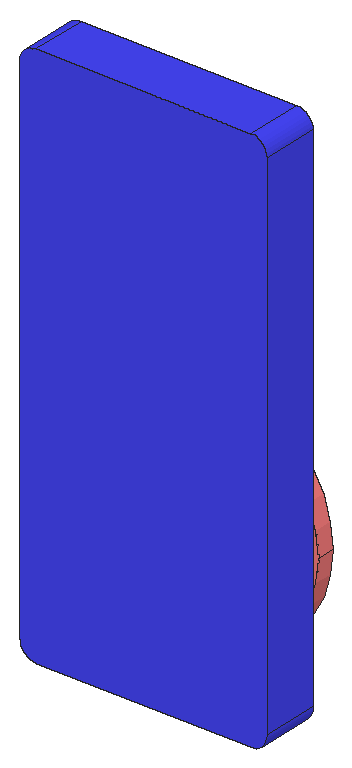
Revit family "Building-IEC309Connections-GEWISS-67IB-INTERLOCKED-SOCKET-OUTLETS_IP67_WITHOUT_BOTTOM", category Apparecchi elettrici, host Muro, Revit 2016
Family settings
  Host = Muro
  Mantenere orientamento annotazione = Sì
  Tipo di parte = Normale
  Quota connettore circolare = Usa diametro
  Numero OmniClass = 23.80.50.14
  Titolo OmniClass = Plug Connectors
  Sempre verticale = Sì
  Taglio con vuoti quando caricato = No
  Condiviso = No
  Punto di calcolo locali = No
Parameters (values of type "GW66357N - 32A 3P+E 380V V.INT.SOCK.O.N.B.3H SBF")
  Working temperature = "-25 ÷ +40 °C"
  With back-mounting box = "No"
  Vista di pianta [instance] = yes
  Vetro = GEWISS - vetro
  Version file RFA = "18.0"
  URL = "https://www.gewiss.com/ww/en"
  Typology = "Vertical"
  Tipo Simbolo = PRESAINDSTAGNA : 3P
  Thermo-pressure with ball = "125 °C"
  Technical sheet = "https://www.gewiss.com/ww/en/search?q=GW66357N"
  Struttura frontale = GEWISS -BLU
  Struttura = GEWISS - Grigio RAL - 7035
  Simbolo [instance] = yes
  Shock resistance = "IK08"
  SEO = "Socket outlet"
  Reference h = "3"
  Realized by GEWISS S.p.A. = ""
  Rated voltage: = "380 - 440 V"
  Rated voltage = "380 - 440 V"
  Rated frequency (Hz) = "50/60 Hz"
  Rated current (In) = "32"
  Rated current (A) = "32"
  Protection = "NO (SBF)"
  Produttore = "GEWISS S.p.A."
  Presa = GW - ROSSO
  Potenza = 400 V
  Operating temperature: = "-25 +40 °C"
  Numero poli = 3
  Number of poles = "3P+E"
  No. of poles = "3P+E"
  Modello = "GW66357N"
  Immagine tipo = GW66307N.jpg
  IP degree = "IP67"
  IFC.TypeObject = ""
  IFC.ExportType = ""
  IFC.ExportAs = ""
  IDT = "c02ff193-3075-4b5a-ac4b-08e79c84e21a"
  IDF = "d4539c21-b4dc-4599-b1fe-3d571a3ca594"
  Glow wire test: = "850 °C"
  Glow Wire Test = "850 °C"
  Frequency = "50/60 Hz"
  Electrocod = "2222"
  EAN code = "8011564742116"
  Distanza orizzontale del simbolo [instance] = 0 mm
  Distanza dal muro [instance] = 20 mm
  Descrizione = "32A 3P+E 380V V.INT.SOCK.O.N.B.3H SBF"
  Cornice simbolo [instance] = yes
  Colour: = "Red"
  Colour = "Red"
  Classificazione carico = Altro
  Catalogue Range = "67 IB"
  Catalogue = "BUILDING"
  Carico apparente = 0 VA
  COBie.Tagnumber = ""
  COBie.CreatedOn = ""
  COBie.CreatebBy = ""
  COBie.ComponentRegisterItemID = ""
  COBie.Component.TagNumber = ""
  COBie.Component.Space = ""
  COBie.Component.SerialNumber = ""
  COBie.Component.InstallationDate = ""
  COBie.Component.Description = ""
  COBie.Component.BarCode = ""
  Altezza da terra = 1111.728 mm
Reference planes
  plane 1 "Muro": y = 0
  plane 2 "Centro (Sinistra/Destra)": x = 125
  plane 3 "Indietro": y = 75
  plane 4: z = 1111.728
  plane 5: x = 125
Lines and regions (mm)
  Masking region 1, visible <- "Vista di pianta"
    outline origin (0, -30, 0) x (1, 0, 0) y (0, 1, 0)
      loop
        line (78.101, 137.709) -> (78.101, 130.821) -> (171.899, 130.821) -> (171.899, 137.709) -> (78.101, 137.709)
      loop
        line (77.116, 126.991) -> (77.116, 105) -> (172.884, 105) -> (172.884, 126.991) -> (77.116, 126.991)
  Masking region 2, visible <- "Vista di pianta"
    outline origin (0, -30, 0) x (1, 0, 0) y (0, 1, 0)
      loop
        line (87.521, 126.991) -> (162.519, 126.991) -> (162.519, 130.821) -> (87.521, 130.821) -> (87.521, 126.991)
  Masking region 3
    outline origin (125, -30, 0) x (0, 1, 0) y (0, 0, 1)
      loop
        line (126.991, 1308.059) -> (126.991, 1246.398) -> (137.709, 1246.398) -> (137.709, 1308.059) -> (126.991, 1308.059)
      loop
        line (137.709, 1124.403) -> (137.709, 1218.2) -> (126.991, 1218.2) -> (126.991, 1124.403) -> (137.709, 1124.403)
  Masking region 4
    outline origin (125, -30, 0) x (0, 1, 0) y (0, 0, 1)
      loop
        line (126.991, 1115.344) -> (126.991, 1328.112) -> (105, 1328.112) -> (105, 1115.344) -> (126.991, 1115.344)
Text (mm)
  text "Lato posizionamento" at (-1848.837, 1116.779, 0), in view "Livello rif."
  text "Lato posizionamento" at (0, 1409.804, 2854.306), in view "Sinistra"
  text "Lato posizionamento" at (0, 499.811, 2980.732), in view "Destra"
Dimensions and locks
  locked: plane 3 "Indietro" to host wall
  "Altezza da terra": level to plane 4
  nested 1 to nested 1 = 103 mm
  plane 4 to nested 1 = 220 mm
  "Distanza orizzontale del simbolo": plane 5 to plane 2 "Centro (Sinistra/Destra)"
  aligned and locked: plane 1 "Muro" to host wall
  aligned and locked: plane 4 to nested 1
  aligned and locked: plane 4 to nested 2
  aligned and locked: plane 2 "Centro (Sinistra/Destra)" to nested 2
  aligned and locked: nested 3 to plane 5
  aligned and locked: plane 3 "Indietro" to nested 1
Automatic sketch dimensions
  Masking region 1 sketch curve to plane 2 "Centro (Sinistra/Destra)" = 47.884 mm
  Masking region 1 sketch curve to Masking region 1 sketch curve = 0.986 mm  (x2)
  plane 2 "Centro (Sinistra/Destra)" to Masking region 1 sketch curve = 46.899 mm
  host wall to Masking region 1 sketch curve = 0 mm
  Masking region 1 sketch curve to Masking region 1 sketch curve = 21.991 mm
  Masking region 1 sketch curve to Masking region 1 sketch curve = 3.83 mm
  Masking region 1 sketch curve to Masking region 1 sketch curve = 6.888 mm
  plane 2 "Centro (Sinistra/Destra)" to Masking region 2 sketch curve = 37.519 mm
  Masking region 2 sketch curve to Masking region 2 sketch curve = 3.83 mm
  plane 4 to Masking region 3 sketch curve = 12.674 mm
  Masking region 3 sketch curve to Masking region 3 sketch curve = 10.718 mm  (x2)
  Masking region 3 sketch curve to Masking region 3 sketch curve = 93.797 mm
  Masking region 3 sketch curve to Masking region 3 sketch curve = 28.198 mm
  Masking region 3 sketch curve to Masking region 3 sketch curve = 61.662 mm
  plane 4 to Masking region 4 sketch curve = 3.616 mm
  host wall to Masking region 4 sketch curve = 0 mm
  Masking region 4 sketch curve to Masking region 4 sketch curve = 21.991 mm
  Masking region 4 sketch curve to Masking region 4 sketch curve = 212.768 mm
  Masking region 2 sketch curve to plane 2 "Centro (Sinistra/Destra)" = 37.479 mm
  host wall to Masking region 2 sketch curve = 21.991 mm
  host wall to Masking region 3 sketch curve = 21.991 mm  (x2)
Nested families
  nested 1: "IB PRESE INTERBLOC VERT" at (125, 45, 524.845) x (-1, 0, 0) z (0, 0, 1), type "IB PRESE INTERBLOC VERT"
  nested 2: "2D - IB PRESE INTERBLOC VERT IP67" at (125, 0, 1111.728) x (-1, 0, 0) z (0, -1, 0), type "BIDIMENSIONALE"
  nested 3: "PRESAINDSTAGNA" at (125, -325.086, 0), Distanza dal muro <- "Distanza dal muro", BORDO ACCESO <- "Cornice simbolo", SIMBOLO ACCESO <- "Simbolo", type <- "Tipo Simbolo", type "3P"
    with SIMBOLO ACCESO yes, Distanza dal muro 20 mm, BORDO ACCESO yes
Connectors
  electrical at (125, 90, 1111.728), driven by "Numero poli", driven by "Classificazione carico", driven by "Potenza", driven by "Carico apparente"
    settings: on nested 1, index 1, voltage 400 V, apparent load 0 VA, apparent load phase1 0 VA, apparent load phase2 0 VA, apparent load phase3 0 VA, power factor 1, load classification "Altro", number of poles 3, system type 31, power factor state 1, is connector primary yes, connector utility no, sub classification motor no, connector description ""
Definition of nested family "IB PRESE INTERBLOC VERT"
  Parameters (values of type "IB PRESE INTERBLOC VERT")
    Vetro = none
    Struttura frontale = none
    Struttura = none
    Spessore = 30 mm
    Default Elevation = 14 mm
    Presa = none
    Lunghezza = 103 mm
    IFC.TypeObject = ""
    IFC.ExportType = ""
    IFC.ExportAs = ""
    H_da terra = 586.883 mm
    COBie.CreatedOn = ""
    COBie.CreatebBy = ""
    COBie.ComponentRegisterItemID = ""
    COBie.Component.TagNumber = ""
    COBie.Component.Space = ""
    COBie.Component.SerialNumber = ""
    COBie.Component.InstallationDate = ""
    COBie.Component.Description = ""
    COBie.Component.BarCode = ""
    Altezza = 220 mm
  Reference planes
    plane 1 "Centro (Fronte/Retro)": y = 0
    plane 2: z = 0
    plane 3 "Centro (Sinistra/Destra)": x = 0
    plane 4: y = -30
    plane 5: x = -51.5
    plane 6: x = 51.5
    plane 7: z = 586.883
    plane 8: z = 806.883
    plane 9: x = -47.884
    plane 10: x = 47.884
    plane 11: z = 803.267
    plane 12: z = 590.499
    plane 13: y = -32
    plane 14: y = -42.675
  Forms (mm)
    Extrusion 1, solid, material <- "Struttura"
      sketch origin (0, 0, 0) x (1, 0, 0) y (0, 0, 1)
        loop
          line (-0.408, 691.748) -> (-29.506, 691.748)
          spline (-29.506, 691.748) -> (-30.55, 691.681) -> (-31.576, 691.48) -> (-32.567, 691.148) -> (-33.505, 690.693) -> (-34.375, 690.12) -> (-35.161, 689.441) -> (-35.851, 688.666) -> (-36.432, 687.809) -> (-36.895, 686.885) -> (-37.231, 685.909) -> (-37.435, 684.898) -> (-37.503, 683.87)
          line (-37.503, 683.87) -> (-37.503, 615.12)
          spline (-37.503, 615.12) -> (-37.435, 614.091) -> (-37.231, 613.081) -> (-36.895, 612.105) -> (-36.432, 611.18) -> (-35.851, 610.324) -> (-35.161, 609.549) -> (-34.375, 608.869) -> (-33.505, 608.297) -> (-32.567, 607.841) -> (-31.576, 607.51) -> (-30.55, 607.309) -> (-29.506, 607.241)
          line (-29.506, 607.241) -> (0, 607.241) -> (29.506, 607.241)
          spline (29.506, 607.241) -> (30.55, 607.309) -> (31.576, 607.51) -> (32.567, 607.841) -> (33.505, 608.297) -> (34.375, 608.869) -> (35.161, 609.549) -> (35.851, 610.324) -> (36.432, 611.18) -> (36.895, 612.105) -> (37.231, 613.081) -> (37.435, 614.091) -> (37.503, 615.12)
          line (37.503, 615.12) -> (37.503, 683.87)
          spline (37.503, 683.87) -> (37.435, 684.898) -> (37.231, 685.909) -> (36.895, 686.885) -> (36.432, 687.809) -> (35.851, 688.666) -> (35.161, 689.441) -> (34.375, 690.12) -> (33.505, 690.693) -> (32.567, 691.148) -> (31.576, 691.48) -> (30.55, 691.681) -> (29.506, 691.748)
          line (29.506, 691.748) -> (-0.408, 691.748)
      from 51.991 to 55.821
    Extrusion 2, solid, material <- "Presa"
      sketch origin (0, 0, 0) x (1, 0, 0) y (0, 0, 1)
        loop
          circle (0, 646.456) r 46.899
      from 55.821 to 62.709
    Extrusion 3, solid, material <- "Struttura"
      sketch origin (0, 0, 0) x (1, 0, 0) y (0, 0, 1)
        loop
          circle (0, 752.384) r 30.831
        loop
          circle (0, 752.384) r 26.483
      from 51.991 to 62.709
    Extrusion 4, solid, material <- "Struttura"
      sketch origin (0, 0, 0) x (1, 0, 0) y (0, 0, 1)
        loop
          arc (-9.552, 750.899) -> (-7.429, 739.645) -> (-7.314, 728.193) r 64.983
          arc (-7.314, 728.193) -> (-0.131, 727.067) -> (7.064, 728.115) r 24.316
          arc (7.064, 728.115) -> (7.302, 739.566) -> (9.547, 750.796) r 64.983
          arc (9.547, 750.796) -> (5.519, 762.425) -> (4.215, 774.661) r 54.251
          line (4.215, 774.661) -> (4.25, 777.658)
          arc (4.25, 777.658) -> (3.985, 778.329) -> (3.336, 778.647) r 1
          arc (3.336, 778.647) -> (0.147, 778.794) -> (-3.043, 778.682) r 39.364
          arc (-3.043, 778.682) -> (-3.695, 778.371) -> (-3.967, 777.702) r 1
          line (-3.967, 777.702) -> (-3.964, 774.706)
          arc (-3.964, 774.706) -> (-5.4, 762.483) -> (-9.552, 750.899) r 54.251
      from 51.991 to 62.709
    Extrusion 5, solid, material <- "Struttura frontale"
      sketch origin (0, 0, 0) x (1, 0, 0) y (0, 0, 1)
        loop
          arc (47.884, 796.962) -> (46.037, 801.42) -> (41.578, 803.267) r 6.306
          line (41.578, 803.267) -> (-41.578, 803.267)
          arc (-41.578, 803.267) -> (-46.037, 801.42) -> (-47.884, 796.962) r 6.306
          line (-47.884, 796.962) -> (-47.884, 597.014)
          arc (-47.884, 597.014) -> (-45.976, 592.407) -> (-41.369, 590.499) r 6.515
          line (-41.369, 590.499) -> (41.369, 590.499)
          arc (41.369, 590.499) -> (45.976, 592.407) -> (47.884, 597.014) r 6.515
          line (47.884, 597.014) -> (47.884, 796.962)
      from 30 to 51.991
  Dimensions and locks
    "H_da terra": plane 7 to level
    "Altezza": plane 8 to plane 7
    equal spacing: plane 5, plane 3 "Centro (Sinistra/Destra)", plane 6
    "Lunghezza": plane 5 to plane 6
    locked: plane 8 to plane 11 at 3.616
    locked: plane 12 to plane 7 at 3.616
    locked: plane 5 to plane 9 at 3.616
    locked: plane 6 to plane 10 at 3.616
    "Spessore": plane 4 to plane 1 "Centro (Fronte/Retro)"
    locked: plane 13 to plane 4 at 2
    plane 14 to plane 4 = 12.675 mm
    locked: Extrusion 5 to plane 14 at 9.315
    aligned and locked: level to plane 2
    aligned and locked: Extrusion 5 sketch curve to plane 10
    aligned and locked: Extrusion 5 sketch curve to plane 9
    aligned and locked: Extrusion 5 sketch curve to plane 12
    aligned and locked: Extrusion 5 sketch curve to plane 11
    aligned and locked: plane 4 to Extrusion 5
    aligned and locked: Extrusion 3 to Extrusion 5
    aligned and locked: Extrusion 3 to Extrusion 4  (x2)
    aligned and locked: Extrusion 3 to Extrusion 2
    aligned and locked: Extrusion 2 to Extrusion 1
  Automatic sketch dimensions
    Extrusion 1 sketch curve to plane 9 = 10.381 mm
    Extrusion 1 sketch curve to Extrusion 1 sketch curve = 7.997 mm  (x3)
    Extrusion 1 sketch curve to plane 10 = 18.378 mm  (x2)
    Extrusion 1 sketch curve to plane 12 = 16.742 mm
    Extrusion 1 sketch curve to Extrusion 1 sketch curve = 7.878 mm  (x3)
    Extrusion 1 sketch curve to Extrusion 1 sketch curve = 68.75 mm
    Extrusion 1 sketch curve to Extrusion 1 sketch curve = 0 mm
    Extrusion 1 sketch curve to Extrusion 1 sketch curve = 21.102 mm
    Extrusion 1 sketch curve to Extrusion 1 sketch curve = 21.51 mm
    Extrusion 2 sketch curve to plane 3 "Centro (Sinistra/Destra)" = 0 mm
    Extrusion 2 sketch curve to plane 12 = 55.957 mm
    Extrusion 3 sketch curve to Extrusion 3 sketch curve = 0 mm  (x2)
    Extrusion 3 sketch curve to plane 3 "Centro (Sinistra/Destra)" = 0 mm
    Extrusion 3 sketch curve to plane 11 = 50.884 mm
    plane 5 to Extrusion 4 sketch curve = 6.715 mm
    Extrusion 4 sketch curve to plane 3 "Centro (Sinistra/Destra)" = 3.967 mm
    Extrusion 4 sketch curve to Extrusion 4 sketch curve = 0.003 mm
    Extrusion 4 sketch curve to Extrusion 4 sketch curve = 1 mm  (x2)
    Extrusion 4 sketch curve to plane 3 "Centro (Sinistra/Destra)" = 0.064 mm
    plane 3 "Centro (Sinistra/Destra)" to Extrusion 4 sketch curve = 3.25 mm
    Extrusion 4 sketch curve to Extrusion 4 sketch curve = 0.965 mm
    plane 6 to Extrusion 4 sketch curve = 6.965 mm
    Extrusion 4 sketch curve to plane 11 = 29.014 mm
    Extrusion 4 sketch curve to plane 11 = 28.606 mm
    Extrusion 4 sketch curve to plane 11 = 28.387 mm
    Extrusion 4 sketch curve to Extrusion 4 sketch curve = 0.044 mm
    Extrusion 4 sketch curve to Extrusion 4 sketch curve = 2.99 mm
    Extrusion 4 sketch curve to Extrusion 4 sketch curve = 0.007 mm
    Extrusion 4 sketch curve to Extrusion 4 sketch curve = 2.979 mm
    Extrusion 4 sketch curve to Extrusion 4 sketch curve = 0.018 mm
    Extrusion 4 sketch curve to plane 3 "Centro (Sinistra/Destra)" = 9.552 mm
    Extrusion 4 sketch curve to Extrusion 4 sketch curve = 0.076 mm
    plane 3 "Centro (Sinistra/Destra)" to Extrusion 4 sketch curve = 9.547 mm
    Extrusion 4 sketch curve to plane 3 "Centro (Sinistra/Destra)" = 0 mm
    plane 5 to Extrusion 4 sketch curve = 20.598 mm
    plane 6 to Extrusion 4 sketch curve = 20.4 mm
    Extrusion 4 sketch curve to Extrusion 4 sketch curve = 0.587 mm
    Extrusion 4 sketch curve to plane 3 "Centro (Sinistra/Destra)" = 7.314 mm
    plane 3 "Centro (Sinistra/Destra)" to Extrusion 4 sketch curve = 7.064 mm
    Extrusion 4 sketch curve to Extrusion 4 sketch curve = 11.238 mm
    Extrusion 4 sketch curve to Extrusion 4 sketch curve = 11.315 mm
    Extrusion 5 sketch curve to plane 9 = 6.306 mm
    Extrusion 5 sketch curve to plane 9 = 6.515 mm
    Extrusion 5 sketch curve to Extrusion 5 sketch curve = 6.515 mm
    Extrusion 5 sketch curve to Extrusion 5 sketch curve = 6.306 mm
    radius of Extrusion 2 sketch curve = 46.899 mm
    radius of Extrusion 3 sketch curve = 30.831 mm
    radius of Extrusion 3 sketch curve = 26.483 mm
Definition of nested family "2D - IB PRESE INTERBLOC VERT IP67"
  Reference planes
    plane 1 "Centro (Fronte/Retro)": y = 0
    plane 2: z = 0
    plane 3 "Centro (Sinistra/Destra)": x = 0
  Lines and regions (mm)
    model lines, in view "Livello rif."
      curve 1: line (-11.527, 59.778, 0) -> (11.757, 59.778, 0)
      curve 2: arc (16.5, 109.807, 0) -> (16.207, 110.514, 0) -> (15.5, 110.807, 0) r 1
      curve 3: arc (-15.5, 110.807, 0) -> (-16.207, 110.514, 0) -> (-16.5, 109.807, 0) r 1
      curve 4: spline (29.5, 21.126, 0) -> (30.544, 21.194, 0) -> (31.57, 21.395, 0) -> (32.56, 21.728, 0) -> (33.499, 22.185, 0) -> (34.369, 22.759, 0) -> (35.155, 23.441, 0) -> (35.845, 24.218, 0) -> (36.427, 25.078, 0) -> (36.89, 26.005, 0) -> (37.226, 26.984, 0) -> (37.431, 27.998, 0) -> (37.5, 29.03, 0)
      curve 5: spline (-37.5, 29.025, 0) -> (-37.43, 27.994, 0) -> (-37.225, 26.98, 0) -> (-36.888, 26.002, 0) -> (-36.425, 25.075, 0) -> (-35.843, 24.216, 0) -> (-35.154, 23.439, 0) -> (-34.367, 22.758, 0) -> (-33.497, 22.184, 0) -> (-32.559, 21.727, 0) -> (-31.569, 21.395, 0) -> (-30.543, 21.194, 0) -> (-29.5, 21.126, 0)
      curve 6: spline (-34.559, 79.268, 0) -> (-34.539, 79.119, 0) -> (-34.479, 78.943, 0) -> (-34.38, 78.742, 0) -> (-34.243, 78.521, 0) -> (-34.072, 78.282, 0) -> (-33.869, 78.031, 0) -> (-33.637, 77.771, 0) -> (-33.381, 77.506, 0) -> (-33.104, 77.242, 0) -> (-32.812, 76.983, 0) -> (-32.51, 76.733, 0) -> (-32.202, 76.496, 0)
      curve 7: spline (-26.332, 86.8, 0) -> (-26.317, 86.647, 0) -> (-26.271, 86.458, 0) -> (-26.196, 86.236, 0) -> (-26.092, 85.985, 0) -> (-25.961, 85.709, 0) -> (-25.807, 85.413, 0) -> (-25.63, 85.103, 0) -> (-25.435, 84.782, 0) -> (-25.224, 84.458, 0) -> (-25.002, 84.135, 0) -> (-24.771, 83.819, 0) -> (-24.537, 83.516, 0)
      curve 8: spline (-43.546, 59.601, 0) -> (-43.52, 59.464, 0) -> (-43.445, 59.322, 0) -> (-43.32, 59.178, 0) -> (-43.148, 59.034, 0) -> (-42.932, 58.893, 0) -> (-42.676, 58.757, 0) -> (-42.384, 58.629, 0) -> (-42.061, 58.511, 0) -> (-41.713, 58.404, 0) -> (-41.345, 58.311, 0) -> (-40.964, 58.233, 0) -> (-40.577, 58.171, 0)
      curve 9: spline (-40.43, 69.99, 0) -> (-40.406, 69.847, 0) -> (-40.336, 69.687, 0) -> (-40.22, 69.513, 0) -> (-40.061, 69.328, 0) -> (-39.86, 69.136, 0) -> (-39.622, 68.939, 0) -> (-39.351, 68.741, 0) -> (-39.052, 68.545, 0) -> (-38.728, 68.355, 0) -> (-38.387, 68.175, 0) -> (-38.033, 68.006, 0) -> (-37.673, 67.852, 0)
      curve 10: spline (-40.846, 38.237, 0) -> (-40.787, 38.136, 0) -> (-40.688, 38.054, 0) -> (-40.551, 37.992, 0) -> (-40.377, 37.951, 0) -> (-40.17, 37.93, 0) -> (-39.932, 37.931, 0) -> (-39.667, 37.954, 0) -> (-39.378, 37.998, 0) -> (-39.07, 38.062, 0) -> (-38.748, 38.146, 0) -> (-38.416, 38.248, 0) -> (-38.079, 38.367, 0)
      curve 11: spline (-43.691, 48.765, 0) -> (-43.651, 48.64, 0) -> (-43.563, 48.522, 0) -> (-43.429, 48.415, 0) -> (-43.251, 48.32, 0) -> (-43.032, 48.238, 0) -> (-42.776, 48.17, 0) -> (-42.486, 48.118, 0) -> (-42.168, 48.083, 0) -> (-41.826, 48.065, 0) -> (-41.465, 48.064, 0) -> (-41.093, 48.081, 0) -> (-40.715, 48.114, 0)
      curve 12: spline (-34.579, 28.988, 0) -> (-34.529, 28.939, 0) -> (-34.457, 28.908, 0) -> (-34.364, 28.897, 0) -> (-34.251, 28.904, 0) -> (-34.119, 28.931, 0) -> (-33.971, 28.976, 0) -> (-33.807, 29.04, 0) -> (-33.631, 29.12, 0) -> (-33.444, 29.217, 0) -> (-33.25, 29.329, 0) -> (-33.05, 29.455, 0) -> (-32.847, 29.592, 0)
      curve 13: spline (-17.008, 15.964, 0) -> (-16.976, 15.958, 0) -> (-16.936, 15.975, 0) -> (-16.887, 16.015, 0) -> (-16.83, 16.077, 0) -> (-16.765, 16.161, 0) -> (-16.694, 16.266, 0) -> (-16.617, 16.39, 0) -> (-16.536, 16.532, 0) -> (-16.45, 16.691, 0) -> (-16.361, 16.865, 0) -> (-16.27, 17.051, 0) -> (-16.178, 17.248, 0)
      curve 14: spline (15.2, 16.867, 0) -> (15.282, 16.677, 0) -> (15.364, 16.495, 0) -> (15.444, 16.326, 0) -> (15.522, 16.17, 0) -> (15.596, 16.029, 0) -> (15.666, 15.904, 0) -> (15.732, 15.797, 0) -> (15.792, 15.708, 0) -> (15.846, 15.64, 0) -> (15.893, 15.591, 0) -> (15.933, 15.564, 0) -> (15.965, 15.558, 0)
      curve 15: spline (34.501, 27.901, 0) -> (34.51, 27.913, 0) -> (34.519, 27.925, 0) -> (34.526, 27.938, 0) -> (34.533, 27.952, 0) -> (34.539, 27.966, 0) -> (34.544, 27.981, 0) -> (34.549, 27.997, 0) -> (34.552, 28.013, 0) -> (34.555, 28.03, 0) -> (34.557, 28.047, 0) -> (34.558, 28.065, 0) -> (34.559, 28.084, 0)
      curve 16: spline (32.202, 28.803, 0) -> (32.467, 28.613, 0) -> (32.728, 28.439, 0) -> (32.982, 28.283, 0) -> (33.227, 28.146, 0) -> (33.458, 28.03, 0) -> (33.674, 27.938, 0) -> (33.871, 27.869, 0) -> (34.047, 27.824, 0) -> (34.2, 27.805, 0) -> (34.328, 27.812, 0) -> (34.428, 27.844, 0) -> (34.501, 27.901, 0)
      curve 17: spline (24.537, 21.783, 0) -> (24.725, 21.552, 0) -> (24.912, 21.335, 0) -> (25.094, 21.133, 0) -> (25.27, 20.951, 0) -> (25.438, 20.789, 0) -> (25.596, 20.649, 0) -> (25.742, 20.533, 0) -> (25.875, 20.442, 0) -> (25.993, 20.377, 0) -> (26.095, 20.339, 0) -> (26.18, 20.329, 0) -> (26.247, 20.346, 0)
      curve 18: spline (32.202, 28.803, 0) -> (32.392, 28.667, 0) -> (32.58, 28.541, 0) -> (32.763, 28.428, 0) -> (32.939, 28.329, 0) -> (33.107, 28.244, 0) -> (33.263, 28.176, 0) -> (33.407, 28.124, 0) -> (33.536, 28.089, 0) -> (33.648, 28.072, 0) -> (33.744, 28.074, 0) -> (33.82, 28.093, 0) -> (33.877, 28.13, 0)
      curve 19: spline (37.673, 37.447, 0) -> (37.996, 37.324, 0) -> (38.314, 37.217, 0) -> (38.624, 37.127, 0) -> (38.92, 37.055, 0) -> (39.2, 37.003, 0) -> (39.458, 36.971, 0) -> (39.692, 36.96, 0) -> (39.898, 36.97, 0) -> (40.073, 37, 0) -> (40.215, 37.051, 0) -> (40.323, 37.121, 0) -> (40.394, 37.21, 0)
      curve 20: spline (40.577, 47.128, 0) -> (40.951, 47.085, 0) -> (41.32, 47.059, 0) -> (41.677, 47.051, 0) -> (42.016, 47.061, 0) -> (42.333, 47.087, 0) -> (42.621, 47.131, 0) -> (42.876, 47.192, 0) -> (43.095, 47.268, 0) -> (43.273, 47.357, 0) -> (43.409, 47.46, 0) -> (43.498, 47.574, 0) -> (43.542, 47.697, 0)
      curve 21: spline (38.079, 66.932, 0) -> (38.442, 67.078, 0) -> (38.8, 67.238, 0) -> (39.145, 67.41, 0) -> (39.472, 67.592, 0) -> (39.775, 67.781, 0) -> (40.049, 67.972, 0) -> (40.289, 68.163, 0) -> (40.491, 68.35, 0) -> (40.653, 68.531, 0) -> (40.77, 68.702, 0) -> (40.841, 68.861, 0) -> (40.865, 69.003, 0)
      curve 22: spline (40.715, 57.185, 0) -> (41.104, 57.237, 0) -> (41.486, 57.305, 0) -> (41.855, 57.39, 0) -> (42.205, 57.488, 0) -> (42.529, 57.599, 0) -> (42.822, 57.72, 0) -> (43.078, 57.849, 0) -> (43.295, 57.985, 0) -> (43.467, 58.125, 0) -> (43.593, 58.266, 0) -> (43.669, 58.406, 0) -> (43.694, 58.542, 0)
      curve 23: spline (25.377, 82.91, 0) -> (25.62, 83.208, 0) -> (25.858, 83.518, 0) -> (26.088, 83.835, 0) -> (26.306, 84.154, 0) -> (26.508, 84.47, 0) -> (26.69, 84.776, 0) -> (26.85, 85.068, 0) -> (26.985, 85.34, 0) -> (27.093, 85.589, 0) -> (27.171, 85.809, 0) -> (27.218, 85.997, 0) -> (27.234, 86.15, 0)
      curve 24: spline (5.876, 90.779, 0) -> (5.932, 91.152, 0) -> (5.987, 91.536, 0) -> (6.041, 91.925, 0) -> (6.091, 92.312, 0) -> (6.138, 92.69, 0) -> (6.18, 93.052, 0) -> (6.217, 93.394, 0) -> (6.248, 93.708, 0) -> (6.273, 93.99, 0) -> (6.291, 94.235, 0) -> (6.302, 94.437, 0) -> (6.306, 94.595, 0)
      curve 25: spline (-16.312, 92.076, 0) -> (-16.302, 91.919, 0) -> (-16.274, 91.721, 0) -> (-16.227, 91.484, 0) -> (-16.163, 91.212, 0) -> (-16.082, 90.91, 0) -> (-15.986, 90.583, 0) -> (-15.877, 90.237, 0) -> (-15.756, 89.878, 0) -> (-15.625, 89.512, 0) -> (-15.487, 89.144, 0) -> (-15.345, 88.782, 0) -> (-15.2, 88.432, 0)
      curve 26: spline (-27.175, 21.015, 0) -> (-27.113, 20.981, 0) -> (-27.03, 20.977, 0) -> (-26.928, 21.002, 0) -> (-26.807, 21.056, 0) -> (-26.668, 21.138, 0) -> (-26.514, 21.248, 0) -> (-26.346, 21.384, 0) -> (-26.167, 21.545, 0) -> (-25.978, 21.728, 0) -> (-25.782, 21.931, 0) -> (-25.581, 22.153, 0) -> (-25.377, 22.389, 0)
      curve 27: spline (-6.283, 12.574, 0) -> (-6.267, 12.583, 0) -> (-6.246, 12.623, 0) -> (-6.221, 12.694, 0) -> (-6.193, 12.797, 0) -> (-6.161, 12.928, 0) -> (-6.126, 13.088, 0) -> (-6.089, 13.274, 0) -> (-6.049, 13.484, 0) -> (-6.008, 13.716, 0) -> (-5.965, 13.968, 0) -> (-5.921, 14.237, 0) -> (-5.876, 14.52, 0)
      curve 28: spline (15.2, 16.867, 0) -> (15.315, 16.602, 0) -> (15.429, 16.35, 0) -> (15.54, 16.115, 0) -> (15.648, 15.899, 0) -> (15.751, 15.704, 0) -> (15.848, 15.533, 0) -> (15.938, 15.388, 0) -> (16.02, 15.269, 0) -> (16.093, 15.179, 0) -> (16.157, 15.117, 0) -> (16.211, 15.086, 0) -> (16.253, 15.084, 0)
      curve 29: spline (16.253, 15.084, 0) -> (16.262, 15.089, 0) -> (16.271, 15.096, 0) -> (16.279, 15.105, 0) -> (16.286, 15.116, 0) -> (16.292, 15.128, 0) -> (16.297, 15.143, 0) -> (16.301, 15.16, 0) -> (16.305, 15.179, 0) -> (16.308, 15.2, 0) -> (16.31, 15.223, 0) -> (16.311, 15.248, 0) -> (16.312, 15.275, 0)
      curve 30: spline (27.234, 89.228, 0) -> (26.474, 89.779, 0) -> (25.701, 90.314, 0) -> (24.916, 90.833, 0) -> (24.118, 91.335, 0) -> (23.31, 91.821, 0) -> (22.49, 92.291, 0) -> (21.66, 92.743, 0) -> (20.819, 93.179, 0) -> (19.969, 93.597, 0) -> (19.109, 93.998, 0) -> (18.24, 94.38, 0) -> (17.362, 94.745, 0)
      curve 31: spline (40.865, 72.082, 0) -> (40.499, 72.916, 0) -> (40.114, 73.742, 0) -> (39.71, 74.56, 0) -> (39.288, 75.37, 0) -> (38.846, 76.171, 0) -> (38.386, 76.963, 0) -> (37.908, 77.745, 0) -> (37.411, 78.517, 0) -> (36.897, 79.279, 0) -> (36.366, 80.03, 0) -> (35.817, 80.77, 0) -> (35.251, 81.498, 0)
      curve 32: spline (43.546, 50.828, 0) -> (43.618, 51.319, 0) -> (43.684, 51.81, 0) -> (43.744, 52.303, 0) -> (43.798, 52.796, 0) -> (43.845, 53.289, 0) -> (43.886, 53.783, 0) -> (43.921, 54.278, 0) -> (43.949, 54.772, 0) -> (43.972, 55.267, 0) -> (43.987, 55.763, 0) -> (43.997, 56.258, 0) -> (44, 56.754, 0)
      curve 33: spline (44, 58.464, 0) -> (43.978, 59.772, 0) -> (43.912, 61.079, 0) -> (43.802, 62.384, 0) -> (43.648, 63.684, 0) -> (43.45, 64.979, 0) -> (43.209, 66.268, 0) -> (42.925, 67.549, 0) -> (42.597, 68.821, 0) -> (42.227, 70.082, 0) -> (41.815, 71.332, 0) -> (41.36, 72.569, 0) -> (40.865, 73.792, 0)
      curve 34: spline (40.865, 73.792, 0) -> (38.386, 78.673, 0) -> (35.251, 83.208, 0) -> (31.512, 87.32, 0) -> (27.234, 90.938, 0) -> (22.49, 94.001, 0) -> (17.362, 96.455, 0) -> (11.936, 98.26, 0) -> (6.306, 99.383, 0) -> (0.568, 99.807, 0) -> (-5.179, 99.523, 0) -> (-10.838, 98.536, 0) -> (-16.312, 96.864, 0)
      curve 35: spline (6.306, 97.673, 0) -> (5.355, 97.793, 0) -> (4.401, 97.893, 0) -> (3.445, 97.973, 0) -> (2.487, 98.034, 0) -> (1.528, 98.075, 0) -> (0.568, 98.097, 0) -> (-0.392, 98.099, 0) -> (-1.351, 98.081, 0) -> (-2.31, 98.043, 0) -> (-3.268, 97.986, 0) -> (-4.225, 97.909, 0) -> (-5.179, 97.813, 0)
      curve 36: spline (-16.312, 96.864, 0) -> (-20.281, 95.156, 0) -> (-24.05, 93.087, 0) -> (-27.583, 90.678, 0) -> (-30.844, 87.951, 0) -> (-33.801, 84.934, 0) -> (-36.426, 81.656, 0) -> (-38.692, 78.15, 0) -> (-40.578, 74.451, 0) -> (-42.064, 70.594, 0) -> (-43.136, 66.617, 0) -> (-43.783, 62.561, 0) -> (-44, 58.464, 0)
      curve 37: spline (-44, 56.754, 0) -> (-43.998, 56.347, 0) -> (-43.991, 55.941, 0) -> (-43.981, 55.534, 0) -> (-43.966, 55.128, 0) -> (-43.947, 54.722, 0) -> (-43.923, 54.316, 0) -> (-43.896, 53.91, 0) -> (-43.864, 53.505, 0) -> (-43.828, 53.1, 0) -> (-43.787, 52.695, 0) -> (-43.743, 52.291, 0) -> (-43.694, 51.887, 0)
      curve 38: spline (-34.559, 82.345, 0) -> (-35.145, 81.631, 0) -> (-35.714, 80.904, 0) -> (-36.266, 80.167, 0) -> (-36.801, 79.418, 0) -> (-37.318, 78.658, 0) -> (-37.818, 77.888, 0) -> (-38.299, 77.107, 0) -> (-38.763, 76.317, 0) -> (-39.208, 75.518, 0) -> (-39.634, 74.71, 0) -> (-40.041, 73.893, 0) -> (-40.43, 73.068, 0)
      curve 39: spline (-16.312, 95.154, 0) -> (-17.199, 94.811, 0) -> (-18.079, 94.449, 0) -> (-18.949, 94.069, 0) -> (-19.811, 93.672, 0) -> (-20.664, 93.257, 0) -> (-21.506, 92.825, 0) -> (-22.338, 92.375, 0) -> (-23.16, 91.909, 0) -> (-23.971, 91.426, 0) -> (-24.77, 90.926, 0) -> (-25.557, 90.41, 0) -> (-26.332, 89.878, 0)
      curve 40: spline (4.826, 14.39, 0) -> (4.862, 14.114, 0) -> (4.897, 13.851, 0) -> (4.931, 13.604, 0) -> (4.964, 13.375, 0) -> (4.996, 13.167, 0) -> (5.027, 12.982, 0) -> (5.055, 12.821, 0) -> (5.081, 12.687, 0) -> (5.104, 12.58, 0) -> (5.124, 12.502, 0) -> (5.142, 12.453, 0) -> (5.156, 12.435, 0)
      curve 41: spline (-17.362, 15.684, 0) -> (-17.361, 15.657, 0) -> (-17.36, 15.632, 0) -> (-17.358, 15.61, 0) -> (-17.355, 15.589, 0) -> (-17.351, 15.57, 0) -> (-17.346, 15.553, 0) -> (-17.341, 15.538, 0) -> (-17.334, 15.525, 0) -> (-17.327, 15.513, 0) -> (-17.319, 15.504, 0) -> (-17.31, 15.497, 0) -> (-17.301, 15.492, 0)
      curve 42: spline (-17.301, 15.492, 0) -> (-17.255, 15.491, 0) -> (-17.199, 15.521, 0) -> (-17.131, 15.58, 0) -> (-17.053, 15.668, 0) -> (-16.966, 15.785, 0) -> (-16.87, 15.928, 0) -> (-16.766, 16.097, 0) -> (-16.656, 16.289, 0) -> (-16.541, 16.503, 0) -> (-16.422, 16.735, 0) -> (-16.301, 16.985, 0) -> (-16.178, 17.248, 0)
      curve 43: spline (-35.251, 28.933, 0) -> (-35.25, 28.915, 0) -> (-35.249, 28.897, 0) -> (-35.247, 28.88, 0) -> (-35.245, 28.863, 0) -> (-35.241, 28.847, 0) -> (-35.237, 28.832, 0) -> (-35.232, 28.817, 0) -> (-35.226, 28.802, 0) -> (-35.22, 28.789, 0) -> (-35.212, 28.776, 0) -> (-35.204, 28.763, 0) -> (-35.195, 28.751, 0)
      curve 44: spline (-35.196, 28.751, 0) -> (-35.123, 28.691, 0) -> (-35.021, 28.655, 0) -> (-34.892, 28.644, 0) -> (-34.736, 28.658, 0) -> (-34.556, 28.697, 0) -> (-34.355, 28.761, 0) -> (-34.134, 28.848, 0) -> (-33.897, 28.958, 0) -> (-33.647, 29.089, 0) -> (-33.386, 29.24, 0) -> (-33.118, 29.408, 0) -> (-32.847, 29.592, 0)
      curve 45: spline (-5.179, 94.737, 0) -> (-5.176, 94.58, 0) -> (-5.167, 94.377, 0) -> (-5.153, 94.133, 0) -> (-5.132, 93.851, 0) -> (-5.107, 93.535, 0) -> (-5.076, 93.193, 0) -> (-5.041, 92.828, 0) -> (-5.003, 92.449, 0) -> (-4.962, 92.06, 0) -> (-4.918, 91.67, 0) -> (-4.872, 91.284, 0) -> (-4.826, 90.909, 0)
      curve 46: spline (16.178, 88.051, 0) -> (16.332, 88.397, 0) -> (16.484, 88.755, 0) -> (16.63, 89.118, 0) -> (16.769, 89.48, 0) -> (16.897, 89.836, 0) -> (17.014, 90.179, 0) -> (17.116, 90.503, 0) -> (17.202, 90.802, 0) -> (17.27, 91.073, 0) -> (17.321, 91.309, 0) -> (17.351, 91.507, 0) -> (17.362, 91.664, 0)
      curve 47: spline (32.847, 75.707, 0) -> (33.16, 75.935, 0) -> (33.468, 76.178, 0) -> (33.766, 76.43, 0) -> (34.048, 76.687, 0) -> (34.309, 76.944, 0) -> (34.545, 77.199, 0) -> (34.752, 77.445, 0) -> (34.927, 77.679, 0) -> (35.066, 77.897, 0) -> (35.168, 78.095, 0) -> (35.229, 78.27, 0) -> (35.251, 78.418, 0)
      curve 48: arc (-43.692, 48.765, 0) -> (-42.633, 43.402, 0) -> (-40.846, 38.237, 0) r 39.658
      curve 49: arc (-39.963, 37.93, 0) -> (-37.562, 33.284, 0) -> (-34.579, 28.988, 0) r 40.176
      curve 50: arc (-26.516, 21.247, 0) -> (-21.926, 18.31, 0) -> (-17.008, 15.964, 0) r 43.85
      curve 51: arc (-6.127, 13.086, 0) -> (-0.552, 12.678, 0) -> (5.032, 12.952, 0) r 45.81
      curve 52: arc (15.965, 15.558, 0) -> (20.957, 17.787, 0) -> (25.634, 20.617, 0) r 44.017
      curve 53: arc (26.247, 20.346, 0) -> (30.621, 23.853, 0) -> (34.502, 27.9, 0) r 42.954
      curve 54: arc (33.877, 28.13, 0) -> (36.991, 32.363, 0) -> (39.527, 36.966, 0) r 40.335
      curve 55: arc (40.394, 37.21, 0) -> (42.331, 42.344, 0) -> (43.542, 47.697, 0) r 39.75
      curve 56: arc (5.156, 12.435, 0) -> (10.787, 13.415, 0) -> (16.253, 15.084, 0) r 46.15
      curve 57: arc (-17.301, 15.492, 0) -> (-11.883, 13.691, 0) -> (-6.283, 12.574, 0) r 46.052
      curve 58: arc (-35.196, 28.751, 0) -> (-31.439, 24.62, 0) -> (-27.175, 21.015, 0) r 42.763
      curve 59: line (16.5, 109.807, 0) -> (16.5, 103.366, 0)
      curve 60: line (16.5, 103.366, 0) -> (16.5, 96.793, 0)
      curve 61: line (-13, 110.807, 0) -> (-15.5, 110.807, 0)
      curve 62: line (-16.5, 109.807, 0) -> (-16.5, 103.366, 0)
      curve 63: line (-16.5, 103.366, 0) -> (-16.5, 96.793, 0)
      curve 64: line (37.5, 96.987, 0) -> (37.5, 80.092, 0)
      curve 65: line (37.5, 33.181, 0) -> (37.5, 29.035, 0)
      curve 66: line (-37.5, 29.025, 0) -> (-37.5, 33.181, 0)
      curve 67: line (-37.5, 80.092, 0) -> (-37.5, 96.987, 0)
      curve 68: line (-29.5, 21.126, 0) -> (-27.325, 21.126, 0)
      curve 69: line (-26.687, 21.126, 0) -> (-26.35, 21.126, 0)
      curve 70: line (27.326, 21.126, 0) -> (29.5, 21.126, 0)
      curve 71: line (15.5, 110.807, 0) -> (13, 110.807, 0)
      curve 72: line (-12.75, 110.857, 0) -> (12.75, 110.857, 0)
      curve 73: line (40.865, 69.003, 0) -> (40.865, 72.082, 0)
      curve 74: line (27.234, 86.15, 0) -> (27.234, 89.228, 0)
      curve 75: line (6.306, 94.595, 0) -> (6.306, 97.673, 0)
      curve 76: line (-16.312, 92.076, 0) -> (-16.312, 95.154, 0)
      curve 77: line (-26.332, 86.8, 0) -> (-26.332, 89.878, 0)
      curve 78: line (-34.559, 82.345, 0) -> (-34.559, 79.268, 0)
      curve 79: line (-40.43, 69.99, 0) -> (-40.43, 73.068, 0)
      curve 80: line (16.312, 15.689, 0) -> (16.312, 15.275, 0)
      curve 81: line (17.362, 94.745, 0) -> (17.362, 91.664, 0)
      curve 82: line (35.251, 81.498, 0) -> (35.251, 78.418, 0)
      curve 83: line (43.546, 50.828, 0) -> (43.546, 47.75, 0)
      curve 84: line (34.559, 28.962, 0) -> (34.559, 28.084, 0)
      curve 85: line (-5.179, 97.813, 0) -> (-5.179, 94.737, 0)
      curve 86: line (-43.694, 48.809, 0) -> (-43.694, 51.887, 0)
      curve 87: line (-17.362, 16.108, 0) -> (-17.362, 15.684, 0)
      curve 88: line (-35.251, 29.857, 0) -> (-35.251, 28.933, 0)
      curve 89: line (44, 56.754, 0) -> (44, 58.464, 0)
      curve 90: line (-44, 58.464, 0) -> (-44, 56.754, 0)
      curve 91: line (-11.527, 59.778, 0) -> (-11.782, 59.755, 0)
      curve 92: line (-11.782, 59.755, 0) -> (-12.012, 59.676, 0)
      curve 93: line (-12.012, 59.676, 0) -> (-12.231, 59.527, 0)
      curve 94: line (-12.231, 59.527, 0) -> (-12.379, 59.353, 0)
      curve 95: line (-12.379, 59.353, 0) -> (-12.483, 59.12, 0)
      curve 96: line (-12.483, 59.12, 0) -> (-12.513, 58.897, 0)
      curve 97: line (-12.513, 58.897, 0) -> (-12.513, 43.124, 0)
      curve 98: line (11.757, 59.755, 0) -> (11.986, 59.676, 0)
      curve 99: line (11.986, 59.676, 0) -> (12.206, 59.527, 0)
      curve 100: line (12.206, 59.527, 0) -> (12.353, 59.354, 0)
      curve 101: line (12.353, 59.354, 0) -> (12.457, 59.121, 0)
      curve 102: line (12.457, 59.121, 0) -> (12.487, 58.898, 0)
      curve 103: line (12.487, 58.898, 0) -> (12.487, 43.118, 0)
      curve 104: spline (37.5, 96.987, 0) -> (37.431, 98.016, 0) -> (37.227, 99.028, 0) -> (36.889, 100.005, 0) -> (36.426, 100.93, 0) -> (35.843, 101.788, 0) -> (35.151, 102.563, 0) -> (34.363, 103.243, 0) -> (33.491, 103.815, 0) -> (32.55, 104.27, 0) -> (31.558, 104.6, 0) -> (30.53, 104.8, 0) -> (29.484, 104.865, 0)
      curve 105: spline (-29.516, 104.865, 0) -> (-30.559, 104.796, 0) -> (-31.584, 104.593, 0) -> (-32.573, 104.261, 0) -> (-33.509, 103.804, 0) -> (-34.378, 103.231, 0) -> (-35.163, 102.552, 0) -> (-35.851, 101.777, 0) -> (-36.431, 100.921, 0) -> (-36.893, 99.998, 0) -> (-37.228, 99.023, 0) -> (-37.432, 98.014, 0) -> (-37.5, 96.987, 0)
      curve 106: spline (-29.054, 51.452, 0) -> (-28.064, 44.386, 0) -> (-25.162, 37.801, 0) -> (-20.545, 32.147, 0) -> (-14.527, 27.808, 0) -> (-7.52, 25.08, 0) -> (0, 24.15, 0) -> (7.52, 25.08, 0) -> (14.527, 27.808, 0) -> (20.545, 32.147, 0) -> (25.162, 37.801, 0) -> (28.064, 44.386, 0) -> (29.054, 51.452, 0) -> (28.064, 58.519, 0) -> (25.162, 65.104, 0) -> (20.545, 70.758, 0) -> (14.527, 75.097, 0) -> (7.52, 77.824, 0) -> (0, 78.755, 0) -> (-7.52, 77.824, 0) -> (-14.527, 75.097, 0) -> (-20.545, 70.758, 0) -> (-25.162, 65.104, 0) -> (-28.064, 58.519, 0) -> (-29.054, 51.452, 0)
      curve 107: spline (38.079, 66.932, 0) -> (37.738, 67.71, 0) -> (37.379, 68.48, 0) -> (37.003, 69.242, 0) -> (36.609, 69.997, 0) -> (36.197, 70.743, 0) -> (35.769, 71.481, 0) -> (35.323, 72.209, 0) -> (34.861, 72.929, 0) -> (34.382, 73.639, 0) -> (33.886, 74.338, 0) -> (33.375, 75.028, 0) -> (32.847, 75.707, 0)
      curve 108: spline (32.847, 75.707, 0) -> (31.746, 77.031, 0) -> (30.584, 78.309, 0) -> (29.363, 79.538, 0) -> (28.087, 80.716, 0) -> (26.758, 81.841, 0) -> (25.377, 82.91, 0) -> (23.948, 83.921, 0) -> (22.474, 84.873, 0) -> (20.957, 85.764, 0) -> (19.4, 86.591, 0) -> (17.806, 87.354, 0) -> (16.178, 88.051, 0)
      curve 109: spline (16.178, 88.051, 0) -> (14.519, 88.68, 0) -> (12.833, 89.241, 0) -> (11.122, 89.732, 0) -> (9.39, 90.153, 0) -> (7.64, 90.502, 0) -> (5.876, 90.779, 0) -> (4.101, 90.984, 0) -> (2.317, 91.115, 0) -> (0.53, 91.174, 0) -> (-1.259, 91.159, 0) -> (-3.046, 91.07, 0) -> (-4.826, 90.909, 0)
      curve 110: spline (-4.826, 90.909, 0) -> (-11.823, 89.54, 0) -> (-18.46, 87.051, 0) -> (-24.537, 83.516, 0) -> (-29.868, 79.043, 0) -> (-34.292, 73.768, 0) -> (-37.673, 67.852, 0) -> (-39.91, 61.473, 0) -> (-40.934, 54.827, 0) -> (-40.715, 48.114, 0) -> (-39.258, 41.54, 0) -> (-36.609, 35.302, 0) -> (-32.847, 29.592, 0)
      curve 111: spline (-32.847, 29.592, 0) -> (-31.746, 28.268, 0) -> (-30.584, 26.99, 0) -> (-29.363, 25.761, 0) -> (-28.087, 24.583, 0) -> (-26.758, 23.458, 0) -> (-25.377, 22.389, 0) -> (-23.948, 21.378, 0) -> (-22.474, 20.426, 0) -> (-20.957, 19.535, 0) -> (-19.4, 18.708, 0) -> (-17.806, 17.945, 0) -> (-16.178, 17.248, 0)
      curve 112: spline (-16.178, 17.248, 0) -> (-14.519, 16.619, 0) -> (-12.833, 16.058, 0) -> (-11.122, 15.567, 0) -> (-9.39, 15.146, 0) -> (-7.64, 14.797, 0) -> (-5.876, 14.52, 0) -> (-4.101, 14.315, 0) -> (-2.317, 14.184, 0) -> (-0.53, 14.125, 0) -> (1.259, 14.14, 0) -> (3.046, 14.228, 0) -> (4.826, 14.39, 0)
      curve 113: spline (4.826, 14.39, 0) -> (10.964, 15.525, 0) -> (16.846, 17.524, 0) -> (22.336, 20.341, 0) -> (27.306, 23.91, 0) -> (31.641, 28.148, 0) -> (35.239, 32.956, 0) -> (38.017, 38.223, 0) -> (39.91, 43.826, 0) -> (40.874, 49.633, 0) -> (40.887, 55.511, 0) -> (39.948, 61.323, 0) -> (38.079, 66.932, 0)
      curve 114: arc (5.451, 42.056, 0) -> (8.469, 42.106, 0) -> (11.487, 42.181, 0) r 364.326
      curve 115: line (-16.5, 104.865, 0) -> (-29.516, 104.865, 0)
      curve 116: line (29.484, 104.865, 0) -> (16.5, 104.865, 0)
      curve 117: line (11.487, 42.181, 0) -> (11.749, 42.224, 0)
      curve 118: line (12.015, 42.34, 0) -> (12.215, 42.495, 0)
      curve 119: line (12.215, 42.495, 0) -> (12.372, 42.697, 0)
      curve 120: line (12.372, 42.697, 0) -> (12.46, 42.911, 0)
      curve 121: line (12.46, 42.911, 0) -> (12.487, 43.118, 0)
      curve 122: line (-12.513, 43.124, 0) -> (-12.486, 42.916, 0)
      curve 123: line (-12.486, 42.916, 0) -> (-12.402, 42.707, 0)
      curve 124: line (-12.402, 42.707, 0) -> (-12.248, 42.502, 0)
      curve 125: line (-12.248, 42.502, 0) -> (-12.048, 42.344, 0)
      curve 126: line (-11.778, 42.225, 0) -> (-11.512, 42.181, 0)
      curve 127: line (-11.512, 42.181, 0) -> (-6.266, 42.066, 0)
      curve 128: line (-6.266, 42.066, 0) -> (-2.338, 42.027, 0)
      curve 129: line (-2.338, 42.027, 0) -> (5.451, 42.056, 0)
      curve 130: arc (41.5, 0, 0) -> (48.571, 2.929, 0) -> (51.5, 10, 0) r 10
      curve 131: arc (51.5, 210, 0) -> (48.571, 217.071, 0) -> (41.5, 220, 0) r 10
      curve 132: arc (-51.5, 10, 0) -> (-48.571, 2.929, 0) -> (-41.5, 0, 0) r 10
      curve 133: arc (-41.5, 220, 0) -> (-48.571, 217.071, 0) -> (-51.5, 210, 0) r 10
      curve 134: arc (1, 200.6, 0) -> (0, 201.6, 0) -> (-1, 200.6, 0) r 1
      curve 135: arc (-1, 199.4, 0) -> (0, 198.4, 0) -> (1, 199.4, 0) r 1
      curve 136: arc (1.8, 200.6, 0) -> (0, 202.4, 0) -> (-1.8, 200.6, 0) r 1.8
      curve 137: arc (-1.8, 199.4, 0) -> (0, 197.6, 0) -> (1.8, 199.4, 0) r 1.8
      curve 138: arc (3.997, 194.914, 0) -> (4.159, 194.778, 0) -> (4.326, 194.647, 0) r 6.199
      curve 139: arc (15.41, 190.77, 0) -> (15.622, 190.768, 0) -> (15.834, 190.773, 0) r 6.199
      curve 140: line (51.5, 10, 0) -> (51.5, 210, 0)
      curve 141: line (-51.5, 10, 0) -> (-51.5, 210, 0)
      curve 142: line (41.5, 220, 0) -> (-41.5, 220, 0)
      curve 143: line (22.337, 198.672, 0) -> (22.366, 198.882, 0)
      curve 144: line (22.366, 198.882, 0) -> (22.343, 199.108, 0)
      curve 145: line (22.419, 189.295, 0) -> (22.419, 194.095, 0)
      curve 146: line (22.419, 194.095, 0) -> (23.219, 194.095, 0)
      curve 147: line (23.219, 194.095, 0) -> (23.219, 189.295, 0)
      curve 148: line (23.219, 189.295, 0) -> (22.419, 189.295, 0)
      curve 149: line (1, 200.6, 0) -> (1, 199.4, 0)
      curve 150: line (-1, 199.4, 0) -> (-1, 200.6, 0)
      curve 151: line (1.8, 200.6, 0) -> (1.8, 199.4, 0)
      curve 152: line (-1.8, 199.4, 0) -> (-1.8, 200.6, 0)
      curve 153: line (4.08, 205.482, 0) -> (3.938, 205.336, 0)
      curve 154: line (3.938, 205.336, 0) -> (3.823, 205.138, 0)
      curve 155: line (41.5, 0, 0) -> (-41.5, 0, 0)
      curve 156: arc (40.376, 170.534, 0) -> (34.368, 186.534, 0) -> (22.337, 198.672, 0) r 40.825
      curve 157: arc (30.339, 169.034, 0) -> (36.107, 164.765, 0) -> (40.376, 170.534, 0) r 5.074
      curve 158: arc (-3.325, 198.5, 0) -> (-2.351, 196.149, 0) -> (0, 195.176, 0) r 3.325
      curve 159: arc (-1.524, 204.955, 0) -> (-2.839, 203.73, 0) -> (-3.325, 202, 0) r 3.325
      curve 160: arc (-0.026, 205.313, 0) -> (-0.795, 205.219, 0) -> (-1.524, 204.955, 0) r 3.44
      curve 161: arc (3.997, 194.914, 0) -> (2.003, 195.11, 0) -> (0, 195.175, 0) r 30.675
      curve 162: arc (15.41, 190.77, 0) -> (10.057, 193.248, 0) -> (4.326, 194.647, 0) r 30.456
      curve 163: arc (30.339, 169.031, 0) -> (25.518, 181.524, 0) -> (15.834, 190.773, 0) r 30.675
      curve 164: arc (22.334, 199.139, 0) -> (15.366, 202.743, 0) -> (7.84, 204.962, 0) r 41.215
      curve 165: arc (7.84, 204.962, 0) -> (6.003, 205.29, 0) -> (4.153, 205.531, 0) r 39.426
      curve 166: arc (3.823, 205.138, 0) -> (1.9, 205.27, 0) -> (-0.026, 205.313, 0) r 42.064
      curve 167: arc (26.001, 149.5, 0) -> (-0.323, 194.516, 0) -> (-25.672, 148.944, 0) r 30.018
      curve 168: spline (-25.673, 148.944, 0) -> (-24.97, 147.842, 0) -> (-24.218, 146.772, 0) -> (-23.418, 145.735, 0) -> (-22.571, 144.734, 0) -> (-21.679, 143.771, 0) -> (-20.743, 142.848, 0) -> (-19.766, 141.967, 0) -> (-18.75, 141.129, 0) -> (-17.697, 140.336, 0) -> (-16.608, 139.59, 0) -> (-15.486, 138.891, 0) -> (-14.333, 138.243, 0)
      curve 169: line (-3.325, 198.5, 0) -> (-3.325, 202, 0)
      curve 170: line (26.001, 149.5, 0) -> (25.248, 148.264, 0)
      curve 171: line (25.248, 148.264, 0) -> (24.433, 147.067, 0)
      curve 172: line (24.433, 147.067, 0) -> (23.56, 145.913, 0)
      curve 173: line (23.56, 145.913, 0) -> (22.631, 144.803, 0)
      curve 174: line (22.631, 144.803, 0) -> (21.648, 143.74, 0)
      curve 175: line (21.648, 143.74, 0) -> (20.614, 142.727, 0)
      curve 176: line (20.614, 142.727, 0) -> (19.532, 141.766, 0)
      curve 177: line (19.532, 141.766, 0) -> (18.403, 140.86, 0)
      curve 178: line (18.403, 140.86, 0) -> (17.232, 140.009, 0)
      curve 179: line (17.232, 140.009, 0) -> (16.022, 139.216, 0)
      curve 180: line (16.022, 139.216, 0) -> (14.774, 138.483, 0)
      curve 181: line (14.774, 138.483, 0) -> (13.499, 137.814, 0)
      curve 182: line (13.499, 137.814, 0) -> (12.193, 137.206, 0)
      curve 183: line (12.193, 137.206, 0) -> (10.86, 136.662, 0)
      curve 184: line (10.86, 136.662, 0) -> (9.503, 136.181, 0)
      curve 185: line (9.503, 136.181, 0) -> (8.124, 135.766, 0)
      curve 186: line (8.124, 135.766, 0) -> (6.728, 135.416, 0)
      curve 187: line (6.728, 135.416, 0) -> (5.316, 135.132, 0)
      curve 188: line (5.316, 135.132, 0) -> (3.892, 134.915, 0)
      curve 189: line (3.892, 134.915, 0) -> (2.46, 134.766, 0)
      curve 190: line (2.46, 134.766, 0) -> (1.023, 134.684, 0)
      curve 191: line (1.023, 134.684, 0) -> (-0.421, 134.67, 0)
      curve 192: line (-0.421, 134.67, 0) -> (-1.865, 134.724, 0)
      curve 193: line (-1.865, 134.724, 0) -> (-3.304, 134.846, 0)
      curve 194: line (-3.304, 134.846, 0) -> (-4.736, 135.036, 0)
      curve 195: line (-4.736, 135.036, 0) -> (-6.157, 135.293, 0)
      curve 196: line (-6.157, 135.293, 0) -> (-7.565, 135.617, 0)
      curve 197: line (-7.565, 135.617, 0) -> (-8.956, 136.008, 0)
      curve 198: line (-8.956, 136.008, 0) -> (-10.326, 136.464, 0)
      curve 199: line (-10.326, 136.464, 0) -> (-11.673, 136.985, 0)
      curve 200: line (-11.673, 136.985, 0) -> (-12.994, 137.57, 0)
      curve 201: line (-12.994, 137.57, 0) -> (-14.333, 138.243, 0)
      curve 202: arc (-6.406, 141.043, 0) -> (-0.133, 140.184, 0) -> (6.149, 140.974, 0) r 24.316
      curve 203: spline (-7.138, 142.008, 0) -> (-7.132, 141.9, 0) -> (-7.115, 141.793, 0) -> (-7.086, 141.688, 0) -> (-7.046, 141.587, 0) -> (-6.996, 141.491, 0) -> (-6.935, 141.402, 0) -> (-6.865, 141.319, 0) -> (-6.786, 141.244, 0) -> (-6.7, 141.179, 0) -> (-6.607, 141.123, 0) -> (-6.509, 141.077, 0) -> (-6.406, 141.043, 0)
      curve 204: arc (6.149, 140.974, 0) -> (6.686, 141.328, 0) -> (6.896, 141.936, 0) r 1
      curve 205: arc (4.215, 187.778, 0) -> (5.478, 175.725, 0) -> (9.385, 164.252, 0) r 54.251
      curve 206: arc (-9.388, 164.353, 0) -> (-5.312, 175.978, 0) -> (-3.965, 188.223, 0) r 54.251
      curve 207: arc (9.441, 163.55, 0) -> (9.477, 163.906, 0) -> (9.385, 164.252, 0) r 1
      curve 208: arc (-9.155, 162.538, 0) -> (-9.301, 163.098, 0) -> (-9.452, 163.655, 0) r 64.101
      curve 209: arc (-7.117, 146.038, 0) -> (-7.606, 154.354, 0) -> (-9.155, 162.538, 0) r 64.983
      curve 210: arc (9.081, 162.244, 0) -> (7.483, 154.172, 0) -> (6.918, 145.963, 0) r 64.983
      curve 211: arc (9.442, 163.552, 0) -> (9.258, 162.899, 0) -> (9.081, 162.244, 0) r 64.101
      curve 212: arc (-9.387, 164.353, 0) -> (-9.483, 164.008, 0) -> (-9.451, 163.651, 0) r 1
      curve 213: line (4.215, 187.778, 0) -> (4.25, 190.775, 0)
      curve 214: line (-3.965, 188.223, 0) -> (-3.965, 190.807, 0)
      curve 215: line (-7.117, 146.038, 0) -> (-7.138, 142.008, 0)
      curve 216: line (6.918, 145.963, 0) -> (6.896, 141.936, 0)
      curve 217: arc (-0.782, 160.162, 0) -> (-1.357, 159.608, 0) -> (-1.572, 158.838, 0) r 1.52
      curve 218: arc (1.468, 158.821, 0) -> (0.88, 160.03, 0) -> (-0.435, 160.3, 0) r 1.52
      curve 219: arc (-1.636, 146.945, 0) -> (-0.122, 145.422, 0) -> (1.404, 146.934, 0) r 1.52
      curve 220: arc (-3.043, 191.798, 0) -> (-3.694, 191.488, 0) -> (-3.967, 190.821, 0) r 1
      curve 221: arc (3.336, 191.764, 0) -> (0.147, 191.911, 0) -> (-3.043, 191.798, 0) r 39.364
      curve 222: arc (4.25, 190.775, 0) -> (3.985, 191.446, 0) -> (3.336, 191.764, 0) r 1
      curve 223: line (-1.59, 155.438, 0) -> (0.321, 155.427, 0)
      curve 224: line (0.321, 155.427, 0) -> (0.329, 156.857, 0)
      curve 225: line (0.329, 156.857, 0) -> (0.675, 156.855, 0)
      curve 226: line (0.675, 156.855, 0) -> (0.667, 155.425, 0)
      curve 227: line (0.667, 155.425, 0) -> (1.449, 155.421, 0)
      curve 228: line (1.449, 155.421, 0) -> (1.462, 157.708, 0)
      curve 229: line (1.462, 157.708, 0) -> (-0.449, 157.719, 0)
      curve 230: line (-0.449, 157.719, 0) -> (-0.457, 156.289, 0)
      curve 231: line (-0.457, 156.289, 0) -> (-0.803, 156.291, 0)
      curve 232: line (-0.803, 156.291, 0) -> (-0.795, 157.72, 0)
      curve 233: line (-0.795, 157.72, 0) -> (-1.578, 157.725, 0)
      curve 234: line (-1.578, 157.725, 0) -> (-1.59, 155.438, 0)
      curve 235: line (-0.435, 160.3, 0) -> (-0.443, 158.922, 0)
      curve 236: line (-0.443, 158.922, 0) -> (-0.789, 158.924, 0)
      curve 237: line (-0.789, 158.924, 0) -> (-0.782, 160.162, 0)
      curve 238: line (-1.572, 158.838, 0) -> (-1.576, 158.071, 0)
      curve 239: line (-1.576, 158.071, 0) -> (0.335, 158.06, 0)
      curve 240: line (0.335, 158.06, 0) -> (0.341, 159.264, 0)
      curve 241: line (0.341, 159.264, 0) -> (0.688, 159.262, 0)
      curve 242: line (0.688, 159.262, 0) -> (0.681, 158.059, 0)
      curve 243: line (0.681, 158.059, 0) -> (1.463, 158.054, 0)
      curve 244: line (1.463, 158.054, 0) -> (1.468, 158.822, 0)
      curve 245: line (-0.839, 149.641, 0) -> (-1.621, 149.645, 0)
      curve 246: line (-1.621, 149.645, 0) -> (-1.613, 151.156, 0)
      curve 247: line (-1.613, 151.156, 0) -> (0.109, 151.548, 0)
      curve 248: line (0.109, 151.548, 0) -> (-1.609, 151.902, 0)
      curve 249: line (-1.609, 151.902, 0) -> (-1.605, 152.707, 0)
      curve 250: line (-1.605, 152.707, 0) -> (0.014, 153.076, 0)
      curve 251: line (0.014, 153.076, 0) -> (-1.601, 153.408, 0)
      curve 252: line (-1.601, 153.408, 0) -> (-1.592, 155.092, 0)
      curve 253: line (-1.592, 155.092, 0) -> (-0.809, 155.087, 0)
      curve 254: line (-0.809, 155.087, 0) -> (-0.815, 154.045, 0)
      curve 255: line (-0.815, 154.045, 0) -> (1.439, 153.581, 0)
      curve 256: line (1.439, 153.581, 0) -> (1.435, 152.758, 0)
      curve 257: line (1.435, 152.758, 0) -> (-0.604, 152.294, 0)
      curve 258: line (-0.604, 152.294, 0) -> (1.43, 151.875, 0)
      curve 259: line (1.43, 151.875, 0) -> (1.426, 151.046, 0)
      curve 260: line (1.426, 151.046, 0) -> (-0.834, 150.531, 0)
      curve 261: line (-0.834, 150.531, 0) -> (-0.839, 149.641, 0)
      curve 262: line (0.632, 148.911, 0) -> (0.286, 148.913, 0)
      curve 263: line (0.286, 148.913, 0) -> (0.294, 150.342, 0)
      curve 264: line (0.294, 150.342, 0) -> (-0.489, 150.346, 0)
      curve 265: line (-0.489, 150.346, 0) -> (-0.497, 148.917, 0)
      curve 266: line (-0.497, 148.917, 0) -> (-0.843, 148.919, 0)
      curve 267: line (-0.843, 148.919, 0) -> (-0.841, 149.295, 0)
      curve 268: line (-0.841, 149.295, 0) -> (-1.623, 149.299, 0)
      curve 269: line (-1.623, 149.299, 0) -> (-1.63, 148.065, 0)
      curve 270: line (-1.63, 148.065, 0) -> (1.41, 148.049, 0)
      curve 271: line (1.41, 148.049, 0) -> (1.422, 150.336, 0)
      curve 272: line (1.422, 150.336, 0) -> (0.64, 150.34, 0)
      curve 273: line (0.64, 150.34, 0) -> (0.632, 148.911, 0)
      curve 274: line (-1.636, 146.945, 0) -> (-1.631, 147.719, 0)
      curve 275: line (-1.631, 147.719, 0) -> (-0.849, 147.715, 0)
      curve 276: line (-0.849, 147.715, 0) -> (-0.856, 146.511, 0)
      curve 277: line (-0.856, 146.511, 0) -> (0.619, 146.503, 0)
      curve 278: line (0.619, 146.503, 0) -> (0.621, 146.849, 0)
      curve 279: line (0.621, 146.849, 0) -> (-0.508, 146.855, 0)
      curve 280: line (-0.508, 146.855, 0) -> (-0.503, 147.713, 0)
      curve 281: line (-0.503, 147.713, 0) -> (1.408, 147.703, 0)
      curve 282: line (1.408, 147.703, 0) -> (1.404, 146.934, 0)
      curve 283: line (1.443, 154.293, 0) -> (1.447, 155.075, 0)
      curve 284: line (1.447, 155.075, 0) -> (-0.463, 155.086, 0)
      curve 285: line (-0.463, 155.086, 0) -> (-0.468, 154.303, 0)
      curve 286: line (-0.468, 154.303, 0) -> (1.443, 154.293, 0)
Definition of nested family "PRESAINDSTAGNA"
  Parameters (values of type "2P")
    SIMBOLO ACCESO [instance] = yes
    SIMBOLO = PRESAINDSTAGNA_BASE : 2P
    Distanza dal muro [instance] = 0 mm
    BORDO ACCESO [instance] = yes
  Types (2, lengths in mm): name | SIMBOLO
    2P | PRESAINDSTAGNA_BASE : 2P
    3P | PRESAINDSTAGNA_BASE : 3P
  Reference planes
    plane 1: y = 0
    plane 2: x = 0
  Dimensions and locks
    "Distanza dal muro": plane 1 to nested 1
    aligned and locked: plane 2 to nested 1
  Nested families
    nested 1: "PRESAINDSTAGNA_BASE" at (0, 0, 0), type <- "SIMBOLO", CORNICE SIMBOLO <- "BORDO ACCESO", visible <- "SIMBOLO ACCESO", type "2P"
  Definition of nested family "PRESAINDSTAGNA_BASE"
    Parameters (values of type "3P")
      CORNICE SIMBOLO [instance] = yes
      3P = yes
    Types (2, lengths in mm): name | 3P
      3P | yes
      2P | no
    Reference planes
      plane 1: y = 0
      plane 2: x = 0
    Lines and regions (mm)
      detail lines, not visible
        curve 1: line (-2.443, 10.208, 0) -> (2.057, 10.208, 0)
        curve 2: line (2.057, 10.208, 0) -> (2.057, 4.208, 0)
        curve 3: line (2.057, 4.208, 0) -> (-2.443, 4.208, 0)
        curve 4: line (-2.443, 4.208, 0) -> (-2.443, 10.208, 0)
        curve 5: line (-2.043, 9.808, 0) -> (1.657, 9.808, 0)
        curve 6: line (1.657, 9.808, 0) -> (1.657, 4.608, 0)
        curve 7: line (1.657, 4.608, 0) -> (-2.043, 4.608, 0)
        curve 8: line (-2.043, 4.608, 0) -> (-2.043, 9.808, 0)
      detail lines
        curve 9: line (-0.333, 0.928, 0) -> (-0.05, 0.928, 0)
        curve 10: line (-0.05, 0.928, 0) -> (0.417, 1.737, 0)
        curve 11: line (0.417, 1.737, 0) -> (0.764, 1.537, 0)
        curve 12: line (-0.05, 0.928, 0) -> (-0.333, 0.437, 0)
